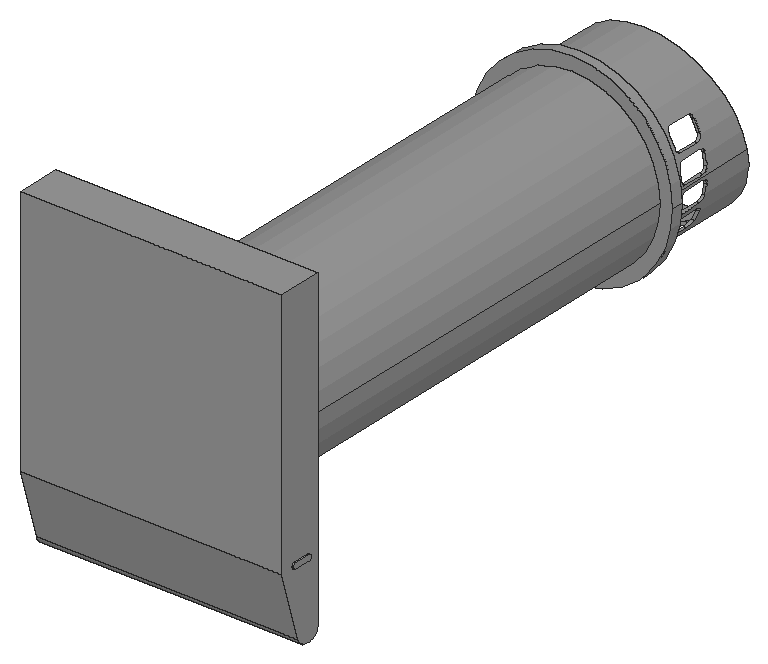
Revit family "Breezy_Eng", category Mechanical Equipment, Revit 2021
Family settings
  Round Connector Dimension = Use Diameter
  Classification = None
  Part Type = Normal
  Work Plane-Based = No
  Always vertical = Yes
  Cut with Voids When Loaded = No
  Shared = No
  Room Calculation Point = No
Parameters (values of type "Breezy 160")
  Width = 245 mm  # constant formula
  Weight = 6.50 kg
  Voltage = 230 V
  Sound pressure level at 3 m distance = "35 dBA"
  Pressure_Static_Air [instance] = 0.0 Pa
  Power = 100 W
  Number of Fase = 1
  Maximum Air Flow = 57.0 m³/h
  Load Classification = "HVAC"
  Length = l + 42 mm + 120 mm  # 612 mm
  Height = 305 mm  # constant formula
  Frequency = 50 Hz  # constant formula
  Dy = 160 mm
  Default Elevation = 0 mm
  Manufacturer = "Vents"  # constant formula
  URL = "https://ventilation-system.com/series/breezy"
  Air Flow [instance] = 0.0 m³/h
  09_System_Name [instance] = ""
  00_20_Type = "Breezy 160"
  00_20_Name = "Smart HRV units for single-room ventilation"  # constant formula
  00_20_Manufacturer = "Vents"  # constant formula
  -r = -(Dy / 2 - 25 mm)  # -55 mm
  l = 450 mm
  R1 = D1 / 2  # 95 mm
  Maintenance zone material = none
  Dn = Dy + 5 mm  # 165 mm
  D1 = Dy + 30 mm  # 190 mm
  Casing Material = Plastic, opaque, white
  -R1 = -D1 / 2  # -95 mm
Types (3, lengths in mm): name | Weight | Sound pressure level at 3 m distance | Maximum Air Flow | Dy | 00_20_Type | -r | R1 | Dn | D1 | -R1
  (no name) | 6.50 kg | "35 dBA" | 57.0 m³/h | 160 | "Breezy 160" | -55 | 95 | 165 | 190 | -95
  Breezy 160 | 6.50 kg | "35 dBA" | 57.0 m³/h | 160 | "Breezy 160" | -55 | 95 | 165 | 190 | -95
  Breezy 200 | 7.00 kg | "34 dBA" | 95.0 m³/h | 200 | "Breezy 200" | -75 | 115 | 205 | 230 | -115
Reference planes
  plane 1 "По центру (Вперед/Назад)": y = 0
  plane 2: z = 0
  plane 3 "По центру (Влево/Вправо)": x = 0
Forms (mm)
  Extrusion 1, solid, material "Сталь, нержавеющая, полированная"
    sketch origin (0, 0, 0) x (1, 0, 0) y (0, 0, 1)
      loop
        circle (0, 0) r 82.5
      loop
        circle (0, 0) r 80
    from -225 to 225
  Extrusion 2, solid, material "Plastic, opaque, white"
    sketch origin (0, 0, 0) x (0, 1, 0) y (0, 0, 1)
      loop
        arc (-235, -150.996) -> (-227.929, -148.067) -> (-225, -140.996) r 10
        line (-225, -140.996) -> (-225, 154.004) -> (-267, 154.004) -> (-267, -80.996) -> (-248.138, -143.87)
        arc (-248.138, -143.87) -> (-244.529, -149.019) -> (-238.56, -150.996) r 10
        line (-238.56, -150.996) -> (-235, -150.996)
    from -122.5 to 122.5
  Extrusion 3, solid, material "Plastic, opaque, white"
    sketch origin (0, 0, 0) x (0, 1, 0) y (0, 0, 1)
      loop
        line (-253.5, -80.996) -> (-238.5, -80.996)
        arc (-238.5, -80.996) -> (-236.732, -80.264) -> (-236, -78.496) r 2.5
        arc (-236, -78.496) -> (-236.732, -76.729) -> (-238.5, -75.996) r 2.5
        line (-238.5, -75.996) -> (-253.5, -75.996)
        arc (-253.5, -75.996) -> (-255.268, -76.729) -> (-256, -78.496) r 2.5
        arc (-256, -78.496) -> (-255.268, -80.264) -> (-253.5, -80.996) r 2.5
    from 122.5 to 125
  Extrusion 4, solid, material "Plastic, opaque, white"
    sketch origin (0, 0, 0) x (1, 0, 0) y (0, 0, 1)
      loop
        circle (0, 0) r 95
    from -235 to -225
  Extrusion 5, solid, material "Plastic, opaque, white"
    sketch origin (0, 0, 0) x (1, 0, 0) y (0, 0, 1)
      loop
        circle (0, 0) r 82.5
      loop
        circle (0, 0) r 80
    from -345 to -235
  Extrusion 6, void
    sketch origin (0, 10, 0) x (0, 1, 0) y (0, 0, 1)
      loop
        line (245.366, 27.5) -> (265.366, 27.5)
        arc (265.366, 27.5) -> (268.902, 28.964) -> (270.366, 32.5) r 5
        line (270.366, 32.5) -> (270.366, 42.5)
        arc (270.366, 42.5) -> (268.902, 46.036) -> (265.366, 47.5) r 5
        line (265.366, 47.5) -> (245.366, 47.5)
        arc (245.366, 47.5) -> (241.831, 46.036) -> (240.366, 42.5) r 5
        line (240.366, 42.5) -> (240.366, 32.5)
        arc (240.366, 32.5) -> (241.831, 28.964) -> (245.366, 27.5) r 5
    from -95 <- "-R1" to 95 <- "R1"
  Extrusion 7, void
    sketch origin (0, 10, 0) x (0, 1, 0) y (0, 0, 1)
      loop
        line (245.366, 2.5) -> (265.366, 2.5)
        arc (265.366, 2.5) -> (268.902, 3.964) -> (270.366, 7.5) r 5
        line (270.366, 7.5) -> (270.366, 17.5)
        arc (270.366, 17.5) -> (268.902, 21.036) -> (265.366, 22.5) r 5
        line (265.366, 22.5) -> (245.366, 22.5)
        arc (245.366, 22.5) -> (241.831, 21.036) -> (240.366, 17.5) r 5
        line (240.366, 17.5) -> (240.366, 7.5)
        arc (240.366, 7.5) -> (241.831, 3.964) -> (245.366, 2.5) r 5
    from -95 <- "-R1" to 95 <- "R1"
  Extrusion 8, void
    sketch origin (0, 10, 0) x (0, 1, 0) y (0, 0, 1)
      loop
        arc (245.366, -27.5) -> (241.831, -28.964) -> (240.366, -32.5) r 5
        line (240.366, -32.5) -> (240.366, -42.5)
        arc (240.366, -42.5) -> (241.831, -46.036) -> (245.366, -47.5) r 5
        line (245.366, -47.5) -> (265.366, -47.5)
        arc (265.366, -47.5) -> (268.902, -46.036) -> (270.366, -42.5) r 5
        line (270.366, -42.5) -> (270.366, -32.5)
        arc (270.366, -32.5) -> (268.902, -28.964) -> (265.366, -27.5) r 5
        line (265.366, -27.5) -> (245.366, -27.5)
    from -95 <- "-R1" to 95 <- "R1"
  Extrusion 9, void
    sketch origin (0, 10, 0) x (0, 1, 0) y (0, 0, 1)
      loop
        arc (245.366, -2.5) -> (241.831, -3.964) -> (240.366, -7.5) r 5
        line (240.366, -7.5) -> (240.366, -17.5)
        arc (240.366, -17.5) -> (241.831, -21.036) -> (245.366, -22.5) r 5
        line (245.366, -22.5) -> (265.366, -22.5)
        arc (265.366, -22.5) -> (268.902, -21.036) -> (270.366, -17.5) r 5
        line (270.366, -17.5) -> (270.366, -7.5)
        arc (270.366, -7.5) -> (268.902, -3.964) -> (265.366, -2.5) r 5
        line (265.366, -2.5) -> (245.366, -2.5)
    from -95 <- "-R1" to 95 <- "R1"
  Extrusion 10, void
    sketch origin (0, 0, 0) x (0, 1, 0) y (0, 0, 1)
      loop
        line (345, -82.5) -> (345, 82.5) -> (309, 82.5) -> (345, -82.5)
    from -95 <- "-R1" to 95 <- "R1"
  Extrusion 11, void
    sketch origin (0, 0, 0) x (1, 0, 0) y (0, 1, 0)
      loop
        line (-22.5, 312.892) -> (-22.5, 292.892)
        arc (-22.5, 292.892) -> (-21.036, 289.357) -> (-17.5, 287.892) r 5
        line (-17.5, 287.892) -> (-7.5, 287.892)
        arc (-7.5, 287.892) -> (-3.964, 289.357) -> (-2.5, 292.892) r 5
        line (-2.5, 292.892) -> (-2.5, 312.892)
        arc (-2.5, 312.892) -> (-3.964, 316.428) -> (-7.5, 317.892) r 5
        line (-7.5, 317.892) -> (-17.5, 317.892)
        arc (-17.5, 317.892) -> (-21.036, 316.428) -> (-22.5, 312.892) r 5
      loop
        line (-47.5, 312.892) -> (-47.5, 292.892)
        arc (-47.5, 292.892) -> (-46.036, 289.357) -> (-42.5, 287.892) r 5
        line (-42.5, 287.892) -> (-32.5, 287.892)
        arc (-32.5, 287.892) -> (-28.964, 289.357) -> (-27.5, 292.892) r 5
        line (-27.5, 292.892) -> (-27.5, 312.892)
        arc (-27.5, 312.892) -> (-28.964, 316.428) -> (-32.5, 317.892) r 5
        line (-32.5, 317.892) -> (-42.5, 317.892)
        arc (-42.5, 317.892) -> (-46.036, 316.428) -> (-47.5, 312.892) r 5
      loop
        line (2.5, 312.892) -> (2.5, 292.892)
        arc (2.5, 292.892) -> (3.964, 289.357) -> (7.5, 287.892) r 5
        line (7.5, 287.892) -> (17.5, 287.892)
        arc (17.5, 287.892) -> (21.036, 289.357) -> (22.5, 292.892) r 5
        line (22.5, 292.892) -> (22.5, 312.892)
        arc (22.5, 312.892) -> (21.036, 316.428) -> (17.5, 317.892) r 5
        line (17.5, 317.892) -> (7.5, 317.892)
        arc (7.5, 317.892) -> (3.964, 316.428) -> (2.5, 312.892) r 5
      loop
        line (27.5, 312.892) -> (27.5, 292.892)
        arc (27.5, 292.892) -> (28.964, 289.357) -> (32.5, 287.892) r 5
        line (32.5, 287.892) -> (42.5, 287.892)
        arc (42.5, 287.892) -> (46.036, 289.357) -> (47.5, 292.892) r 5
        line (47.5, 292.892) -> (47.5, 312.892)
        arc (47.5, 312.892) -> (46.036, 316.428) -> (42.5, 317.892) r 5
        line (42.5, 317.892) -> (32.5, 317.892)
        arc (32.5, 317.892) -> (28.964, 316.428) -> (27.5, 312.892) r 5
    from -95 <- "-R1" to -55 <- "-r"
Cuts and joins
  Extrusion 6, Extrusion 7, Extrusion 8, Extrusion 9, Extrusion 10, Extrusion 11 cuts Extrusion 5
Dimensions and locks
  equal spacing: Extrusion 1, plane 1 "По центру (Вперед/Назад)", Extrusion 1
  "l": Extrusion 1 to Extrusion 1
  Extrusion 2 sketch curve to Extrusion 2 sketch curve = 235 mm
  locked: Extrusion 2 to Extrusion 3 at 2.5
  locked: Extrusion 4 to Extrusion 4 at 10
  Extrusion 4 to Extrusion 5 = 120 mm
  equal spacing: Extrusion 10 sketch curve, level, Extrusion 10 sketch curve
  "Dn": Extrusion 10 sketch curve to Extrusion 10 sketch curve
  "Dn": diameter of Extrusion 1 sketch curve
  "Dy": diameter of Extrusion 1 sketch curve
  "D1": diameter of Extrusion 4 sketch curve
  "Dn": diameter of Extrusion 5 sketch curve
  "Dy": diameter of Extrusion 5 sketch curve
  aligned and locked: level to plane 2
  aligned and locked: Extrusion 2 sketch curve to Extrusion 1
  aligned and locked: Extrusion 4 to Extrusion 1
  aligned and locked: Extrusion 5 to Extrusion 4
Automatic sketch dimensions
  Extrusion 2 sketch curve to Extrusion 2 sketch curve = 10 mm
  Extrusion 2 sketch curve to Extrusion 2 sketch curve = 3.56 mm
  Extrusion 2 sketch curve to level = 143.87 mm
  Extrusion 2 sketch curve to Extrusion 2 sketch curve = 9.578 mm
  Extrusion 2 sketch curve to Extrusion 2 sketch curve = 18.862 mm
  Extrusion 2 sketch curve to Extrusion 2 sketch curve = 7.127 mm
  Extrusion 2 sketch curve to Extrusion 2 sketch curve = 62.873 mm
  Extrusion 3 sketch curve to Extrusion 3 sketch curve = 0 mm  (x4)
  Extrusion 3 sketch curve to level = 75.996 mm
  plane 1 "По центру (Вперед/Назад)" to Extrusion 3 sketch curve = 253.5 mm
  Extrusion 3 sketch curve to Extrusion 3 sketch curve = 15 mm
  Extrusion 3 sketch curve to Extrusion 3 sketch curve = 2.5 mm
  level to Extrusion 6 sketch curve = 42.5 mm
  Extrusion 6 sketch curve to plane 1 "По центру (Вперед/Назад)" = 250.366 mm
  Extrusion 6 sketch curve to Extrusion 6 sketch curve = 5 mm  (x3)
  Extrusion 6 sketch curve to Extrusion 6 sketch curve = 20 mm
  Extrusion 6 sketch curve to Extrusion 6 sketch curve = 0 mm
  Extrusion 6 sketch curve to Extrusion 6 sketch curve = 10 mm
  level to Extrusion 7 sketch curve = 17.5 mm
  Extrusion 7 sketch curve to plane 1 "По центру (Вперед/Назад)" = 250.366 mm
  Extrusion 7 sketch curve to Extrusion 7 sketch curve = 5 mm  (x3)
  Extrusion 7 sketch curve to Extrusion 7 sketch curve = 20 mm
  level to Extrusion 7 sketch curve = 2.5 mm
  Extrusion 7 sketch curve to Extrusion 7 sketch curve = 0 mm
  Extrusion 8 sketch curve to level = 42.5 mm
  Extrusion 8 sketch curve to plane 1 "По центру (Вперед/Назад)" = 250.366 mm
  Extrusion 8 sketch curve to Extrusion 8 sketch curve = 5 mm  (x3)
  Extrusion 8 sketch curve to Extrusion 8 sketch curve = 20 mm
  Extrusion 8 sketch curve to Extrusion 8 sketch curve = 0 mm
  Extrusion 8 sketch curve to Extrusion 8 sketch curve = 10 mm
  Extrusion 9 sketch curve to level = 17.5 mm
  Extrusion 9 sketch curve to plane 1 "По центру (Вперед/Назад)" = 250.366 mm
  Extrusion 9 sketch curve to Extrusion 9 sketch curve = 5 mm  (x3)
  Extrusion 9 sketch curve to Extrusion 9 sketch curve = 20 mm
  Extrusion 9 sketch curve to level = 2.5 mm
  Extrusion 9 sketch curve to Extrusion 9 sketch curve = 0 mm
  Extrusion 11 sketch curve to plane 3 "По центру (Влево/Вправо)" = 47.5 mm
  Extrusion 11 sketch curve to Extrusion 11 sketch curve = 5 mm  (x16)
  Extrusion 11 sketch curve to Extrusion 11 sketch curve = 10 mm  (x6)
  Extrusion 11 sketch curve to plane 3 "По центру (Влево/Вправо)" = 7.5 mm  (x2)
  Extrusion 11 sketch curve to plane 3 "По центру (Влево/Вправо)" = 2.5 mm
  plane 3 "По центру (Влево/Вправо)" to Extrusion 11 sketch curve = 2.5 mm
  Extrusion 11 sketch curve to plane 1 "По центру (Вперед/Назад)" = 287.892 mm
  Extrusion 11 sketch curve to Extrusion 11 sketch curve = 20 mm  (x2)
  Extrusion 11 sketch curve to Extrusion 11 sketch curve = 0 mm  (x2)
  Extrusion 1 sketch curve to Extrusion 1 sketch curve = 0 mm  (x2)
  Extrusion 1 sketch curve to level = 0 mm
  Extrusion 1 sketch curve to plane 3 "По центру (Влево/Вправо)" = 0 mm
  Extrusion 4 sketch curve to level = 0 mm
  Extrusion 4 sketch curve to plane 3 "По центру (Влево/Вправо)" = 0 mm
  Extrusion 5 sketch curve to Extrusion 5 sketch curve = 0 mm  (x2)
  Extrusion 5 sketch curve to level = 0 mm
  Extrusion 5 sketch curve to plane 3 "По центру (Влево/Вправо)" = 0 mm
  Extrusion 10 sketch curve to plane 1 "По центру (Вперед/Назад)" = 309 mm
  Extrusion 10 sketch curve to Extrusion 10 sketch curve = 36 mm
